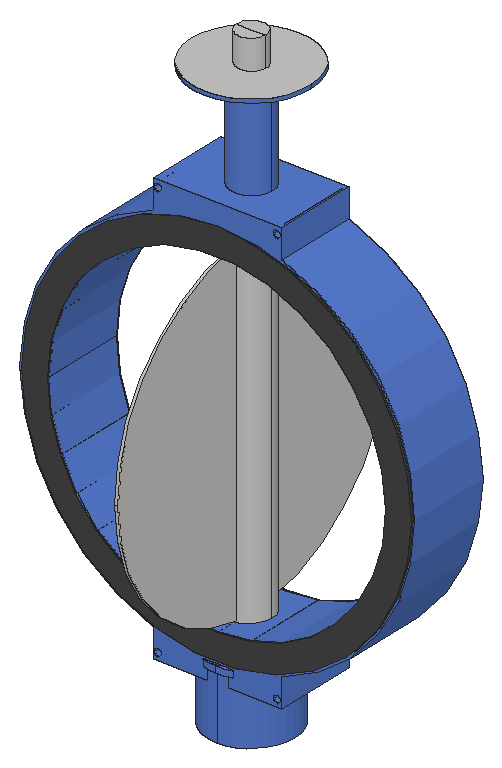
Revit family "Butterfly_Valves-Wafer-WATTS-BF-04_Series", category Pipe Accessories, Revit 2014
Parameters (values of type "BF-04 / 24"")
  Weight = "593 lbs. (450 kg.)"
  Warranty Information = "1 Year (Limited)"
  URL = "http://www.watts.com"
  Top Plate Diameter F = 8 1/4"
  Top Attacment Diameter H = 2"
  Thickness Diameter C = 6"
  Temperature Range = "EPDM: +5°F to 248°F (-15°C to +120°C) Buna-N: +14°F to 176°F (-10°C to +80°C) Viton: -4°F to 302°F (-20°C to +150°C)"  # constant formula
  Symbolic Lines Visibility = yes
  Region = "North America"  # constant formula
  Product Page URL = "https://www.watts.com/products/plumbing-flow-control-solutions/shutoff-valves/butterfly-valves/bf-03"
  Product Documentation Link = "https://www.watts.com/dfsmedia/0533dbba17714b1ab581ab07a4cbb521/12233-source/options/download"
  Price = "Prices may vary. Please consult Manufacturer Representative for most up-to-date price list."  # constant formula
  Plate To Top D = 2 1/4"
  Outer Diameter of Attachment = 33 1/2"
  Outer Diameter = Connection Attacment Diameter I - 85/256"  # 26 251/256"
  Opening Diameater E = 23 3/8"
  Number of Bolt = 20
  Model = "BF-04"  # constant formula
  Max. Working Pressure = "200psi (13.8 bar) pressure rating for 2'' – 12'' (50 – 300mm)** and a 150psi (10.3 bar) pressure rating 14'' – 24'' (350 – 600mm)**"  # constant formula
  Materials = Metal-WATTS-ASTM A-536 Ductile Iron-Blue
  Manufacturer Product Line = "Water Safety & Flow Control"  # constant formula
  Manufacturer = "WATTS"  # constant formula
  Handle Option = no
  Handel Length G = 14"
  Full Height A = 42 7/8"
  Description = "Butterfly Valves Series BF-03-M2 Full Lug and BF-04-M2 Wafer Sizes: 2'' – 12'' (50 – 300mm)** 200psi (13.8 bar) 14'' – 24'' (350 – 600mm)** 150psi (10.3 bar) Watts Series BF resilient seated butterfly valve is available in sizes 2'' – 24'' (50 – 600mm)** in wafer or lug body design. Incorporating a 200psi (13.8 bar) pressure rating for 2'' – 12'' (50 – 300mm)** and a 150psi (10.3 bar) pressure rating 14'' – 24'' (350 – 600mm)**, the BF series butterfly is standardly constructed of a ductile iron body with a choice of either ductile iron, aluminum bronze, or 316 stainless steel discs and 416 stainless steel or 316 stainless steel shaft. A phenolic-backed seat (2''-12'', 50-300mm)** or aluminum-backed seat (14'' – 24'', 350-600mm)** prevents the seat from collapsing or dislodging. Standard seat materials available include EPDM, Buna-N and Viton. The BF Series mounting pad is designed to ISO 5211 standard to accommodate lever handles, gear operators, or actuation."  # constant formula
  Creation Date = "12/05/2018"  # constant formula
  Country = "United States"  # constant formula
  Connection Type = "Flange Connection"  # constant formula
  Connection Size = 24"
  Connection Radius = Connection Size / 2  # 12"
  Connection Attacment Diameter I = 27 5/16"
  Central To Top of Plate B = 22 1/8"
  Barrier Radius = Opening Diameater E  # 23 3/8"
  Assembly Code = "D2090900"
Types (15): name | Weight | Top Plate Diameter F | Top Attacment Diameter H | Thickness Diameter C | Symbolic Lines Visibility | Plate To Top D | Outer Diameter of Attachment | Outer Diameter | Opening Diameater E | Number of Bolt | Handle Option | Handel Length G | Full Height A | Connection Size | Connection Radius | Connection Attacment Diameter I | Central To Top of Plate B | Barrier Radius
  (no name) | "593 lbs. (450 kg.)" | 8 1/4" | 2" | 6" | yes | 2 1/4" | 33 1/2" | 26 251/256" | 23 3/8" | 20 | no | 14" | 42 7/8" | 24" | 12" | 27 5/16" | 22 1/8" | 23 3/8"
  BF-04 / 2" | "8 lbs. (6 kg.)" | 3 1/16" | 1/2" | 1 5/8" | no | 1 1/4" | 5 1/2" | 3 107/256" | 2 1/8" | 4 | yes | 10 1/2" | 10 3/4" | 2" | 1" | 3 3/4" | 6 3/8" | 2 1/8"
  BF-04 / 2 1/2" | "10 lbs. (7 kg.)" | 3 1/16" | 1/2" | 1 3/4" | no | 1 1/4" | 6 1/4" | 3.8149" | 2 1/2" | 4 | yes | 10 1/2" | 11 5/8" | 2 1/2" | 1 1/4" | 4.14693" | 6 7/8" | 2 1/2"
  BF-04 / 3" | "10 lbs. (7 kg.)" | 3 1/16" | 1/2" | 1 3/4" | no | 1 1/4" | 6 3/4" | 4 107/256" | 3 1/8" | 4 | yes | 10 1/2" | 12 1/8" | 3" | 1 1/2" | 4 3/4" | 7 1/8" | 3 1/8"
  BF-04 / 4" | "17 lbs. (12 kg.)" | 3 5/8" | 5/8" | 2" | no | 1 1/4" | 8 1/16" | 5 187/256" | 4 1/8" | 8 | yes | 10 1/2" | 13 5/8" | 4" | 2" | 6 1/16" | 7 7/8" | 4 1/8"
  BF-04 / 5" | "25 lbs. (16 kg.)" | 3 5/8" | 3/4" | 2 3/16" | no | 1 1/4" | 9 1/8" | 6 203/256" | 4 7/8" | 8 | yes | 10 1/2" | 14 5/8" | 5" | 2 1/2" | 7 1/8" | 8 3/8" | 4 7/8"
  BF-04 / 6" | "27 lbs. (20 kg.)" | 3 5/8" | 3/4" | 2 3/16" | no | 1 1/4" | 10 3/16" | 7 219/256" | 6 1/8" | 8 | yes | 10 1/2" | 15 5/8" | 6" | 3" | 8 3/16" | 8 7/8" | 6 1/8"
  BF-04 / 8" | "40 lbs. (29 kg.)" | 5" | 7/8" | 2 3/8" | no | 1 1/4" | 13 1/2" | 9 235/256" | 8" | 8 | yes | 14" | 18 7/8" | 8" | 4" | 10 1/4" | 10 1/4" | 8"
  BF-04 / 10" | "63 lbs. (48 kg.)" | 5" | 1 1/8" | 2 3/8" | no | 1 3/4" | 15" | 12 75/256" | 9 7/8" | 12 | yes | 14" | 21 1/4" | 10" | 5" | 12 5/8" | 11 1/2" | 9 7/8"
  BF-04 / 12" | "107 lbs. (78 kg.)" | 6" | 1 1/4" | 3" | no | 1 3/4" | 17 3/4" | 14 107/256" | 11 7/8" | 12 | yes | 14" | 24 5/8" | 12" | 6" | 14 3/4" | 13 1/4" | 11 7/8"
  BF-04 / 14" | "156 lbs. (99 kg.)" | 6" | 1 1/4" | 3" | yes | 1 3/4" | 19 15/16" | 15 155/256" | 13 1/8" | 12 | no | 14" | 26 3/4" | 14" | 7" | 15 15/16" | 14 1/2" | 13 1/8"
  BF-04 / 16" | "203 lbs. (140 kg.)" | 6 7/8" | 1 5/16" | 3 3/8" | yes | 2" | 22 1/2" | 18 43/256" | 15 3/8" | 16 | no | 14" | 30" | 16" | 8" | 18 1/2" | 15 3/4" | 15 3/8"
  BF-04 / 18" | "269 lbs. (188 kg.)" | 6 7/8" | 1 1/2" | 4 1/8" | yes | 2" | 24" | 20 91/256" | 17 3/8" | 16 | no | 14" | 31 1/2" | 18" | 9" | 20 11/16" | 16 5/8" | 17 3/8"
  BF-04 / 20" | "392 lbs. (248 kg.)" | 8 1/4" | 1 5/8" | 5 1/8" | yes | 2 1/8" | 26 1/4" | 21 235/256" | 19 3/8" | 20 | no | 14" | 35 5/16" | 20" | 10" | 22 1/4" | 18 7/8" | 19 3/8"
  BF-04 / 24" | "593 lbs. (450 kg.)" | 8 1/4" | 2" | 6" | yes | 2 1/4" | 33 1/2" | 26 251/256" | 23 3/8" | 20 | no | 14" | 42 7/8" | 24" | 12" | 27 5/16" | 22 1/8" | 23 3/8"
Reference planes (in)
  plane 1 "Center (Front/Back)": y = 0
  plane 2: z = 0
  plane 3 "Center (Left/Right)": x = 0
  plane 4: x = 14
  plane 5: z = 22.125
  plane 6: z = 24.375
  plane 7: z = 11.6875
  plane 8: z = -11.6875
  plane 9: z = -18.5
  plane 10: z = -13.65625
  plane 11: z = 13.65625
  plane 12: x = -4.125
  plane 13: x = 4.125
  plane 14: x = -1
  plane 15: x = 1
  plane 16: y = 3
  plane 17: y = -3
  plane 18: z = 22.375
  plane 19: y = 2.90625
  plane 20: y = -2.90625
  plane 21: y = 0.64062
  plane 22: y = -0.64063
  plane 23: y = 0.39062
  plane 24: y = -0.39063
  plane 25: x = 0.42074
  plane 26: x = -0.09412
  plane 27: x = 0.09412
  plane 28: z = 13.16606
  plane 29: z = 13.10188
  plane 30: z = 14.40625
  plane 31: z = -14.40625
Forms (in)
  Extrusion 1, solid, material "Metal-WATTS-ASTM A-536 Ductile Iron-Blue"
    sketch origin (0, 0, 0) x (1, 0, 0) y (0, 0, 1)
      loop
        circle (0, 0) r 11.6875
      loop
        circle (0, 0) r 13.49023
    from -3 to 3
  Extrusion 2, solid, material "Metal-WATTS-ASTM A-536 Ductile Iron-Blue"
    sketch origin (0, 0, 0) x (1, 0, 0) y (0, 1, 0)
      loop
        circle (0, 0) r 4.125
    from 22.125 to 22.375
  Revolve 3, solid, material "Metal-WATTS-ASTM A-536 Ductile Iron-Blue"
    sketch origin (0, 0, 0) x (0, 1, 0) y (0, 0, 1)
      loop
        line (3, -14.15625) -> (3.09282, -14.15625) -> (3.09282, -13.70796) -> (3.04111, -13.65625) -> (0, -13.65625) -> (0, -18.5) -> (3, -18.5) -> (3, -14.15625)
      axis (0, -13.65625) -> (0, -18.5)
    angle from 0 to 360
  Extrusion 4, solid, material "Metal-WATTS-ASTM A-536 Ductile Iron-Blue"
    sketch origin (0, 0, 0) x (1, 0, 0) y (0, 0, 1)
      loop
        arc (-4.4375, 12.91518) -> (-13.65625, 0) -> (-4.4375, -12.91518) r 13.65625
        line (-4.4375, -12.91518) -> (-4.4375, -14.90625) -> (4.43973, -14.90625) -> (4.43973, -12.91441)
        arc (4.43973, -12.91441) -> (13.65625, 0) -> (4.43973, 12.91441) r 13.65625
        line (4.43973, 12.91441) -> (4.43973, 14.90625) -> (-4.4375, 14.90625) -> (-4.4375, 12.91518)
      loop
        circle (0, 0) r 11.6875
      loop
        circle (-4.125, 14.40625) r 0.25
      loop
        circle (4.125, 14.40625) r 0.25
      loop
        circle (-4.125, -14.40625) r 0.25
      loop
        circle (4.125, -14.40625) r 0.25
    from -2.90625 to 2.90625
  Revolve 5, solid, material "Metal-WATTS-Stainless Steel"
    sketch origin (0, 0, 0) x (1, 0, 0) y (0, 0, 1)
      loop
        line (-1.4375, -13.65625) -> (0, -13.65625) -> (0, 13.10188) -> (-1.4375, 13.10188) -> (-1.4375, -13.65625)
      loop
        line (0, 24.375) -> (-1, 24.375) -> (-1, 22.125) -> (-1.4375, 22.125) -> (-1.4375, 13.16606) -> (0, 13.16606) -> (0, 24.375)
      axis (0, 24.375) -> (0, -13.65625)
    angle from 0 to 360
  Extrusion 6, solid, material "Metal-WATTS-ASTM A-536 Ductile Iron-Blue", visible <- "Handle Option"
    sketch origin (0, 0, 0) x (1, 0, 0) y (0, 0, 1)
      loop
        line (-0.53125, 24.125) -> (-0.53125, 22.375) -> (6.73438, 22.375) -> (7.47991, 23.75) -> (14, 23.75) -> (14, 24.125) -> (-0.53125, 24.125)
    from -0.64062 to 0.64062
  Extrusion 7, solid, material "Metal-WATTS-ASTM A-536 Ductile Iron-Blue", visible <- "Handle Option"
    sketch origin (0, 0, -5.6875) x (1, 0, 0) y (0, 0, 1)
      loop
        line (6.87004, 28.31272) -> (6.7758, 28.13891) -> (14, 28.13891) -> (14, 28.31272) -> (6.87004, 28.31272)
    from -0.39062 to 0.39062
  Extrusion 8, solid, material "Metal-WATTS-Stainless Steel"
    sketch origin (0.42074, 0.21217, 48) x (0, -1, 0) y (0, 0, 1)
      loop
        circle (0.21217, -48) r 11.6875
    from 0.32662 to 0.51485
Cuts and joins
  joined: Revolve 5, Extrusion 8
  joined: Revolve 3, Extrusion 4
Lines and regions (in)
  Masking region 1, detail levels fine
    outline origin (0, 0, 0) x (1, 0, 0) y (0, 1, 0)
      loop
        line (13.65625, 2.90625) -> (13.49023, 2.90625) -> (13.49023, 3) -> (2.83119, 3)
        arc (2.83119, 3) -> (1.56689, 3.81582) -> (0.09412, 4.12393) r 4.125
        arc (0.09412, 4.12393) -> (-1.47942, 3.85058) -> (-2.83119, 3) r 4.125
        line (-2.83119, 3) -> (-13.49023, 3) -> (-13.49023, 2.90625) -> (-13.65625, 2.90625) -> (-13.65625, -2.90625) -> (-13.49023, -2.90625) -> (-13.49023, -3) -> (-2.83119, -3)
        arc (-2.83119, -3) -> (-1.47942, -3.85058) -> (0.09412, -4.12393) r 4.125
        arc (0.09412, -4.12393) -> (1.56689, -3.81582) -> (2.83119, -3) r 4.125
        line (2.83119, -3) -> (13.49023, -3) -> (13.49023, -2.90625) -> (13.65625, -2.90625) -> (13.65625, -0.64063) -> (13.65625, 0.64062) -> (13.65625, 2.90625)
  Masking region 2, visible <- "Handle Option", detail levels fine
    outline origin (0, 0, 0) x (1, 0, 0) y (0, 1, 0)
      loop
        line (14, 0.64062) -> (-0.53125, 0.64062) -> (-0.53125, -0.64063) -> (14, -0.64063) -> (14, 0.64062)
  Masking region 3, detail levels fine
    outline origin (0, 0, 0) x (1, 0, 0) y (0, 1, 0)
      loop
        line (-0.09412, 11.6875) -> (-0.09412, -11.6875) -> (0.09412, -11.6875) -> (0.09412, 11.6875) -> (-0.09412, 11.6875)
  symbolic lines, detail levels fine
    curve 1: arc (-2.83119, 3, 0) -> (-4.125, 0, 0) -> (-2.83119, -3, 0) r 4.125
    curve 2: arc (2.83119, -3, 0) -> (3.64902, -1.92361, 0) -> (4.07495, -0.64063, 0) r 4.125
    curve 3: arc (-0.09412, -4.12393, 0) -> (0, -4.125, 0) -> (0.09412, -4.12393, 0) r 4.125
    curve 4: arc (0.09412, 4.12393, 0) -> (0, 4.125, 0) -> (-0.09412, 4.12393, 0) r 4.125
    curve 5: circle (0, 0, 0) r 1 normal (0, 0, -1)
    curve 6: arc (4.07495, 0.64062, 0) -> (3.64902, 1.92361, 0) -> (2.83119, 3, 0) r 4.125
  symbolic lines, visible <- "Symbolic Lines Visibility", detail levels fine
    curve 7: arc (4.07495, -0.64063, 0) -> (4.125, 0, 0) -> (4.07495, 0.64062, 0) r 4.125
  model lines, style "PipeAccessory", detail levels coarse+medium
    curve 8: circle (0, 0, 0) r 0.25 normal (0, 0, 1)
    curve 9: line (-1, 2.83956, 0) -> (1.0334, -2.91234, 0)
    curve 10: line (-1, 3, 0) -> (1, 3, 0)
    curve 11: line (-1, -3, 0) -> (1, -3, 0)
Dimensions and locks (in)
  "Handel Length G": plane 4 to plane 3 "Center (Left/Right)"
  "Central To Top of Plate B": plane 5 to level
  "Plate To Top D": plane 6 to plane 5
  equal spacing: plane 7, level, plane 8
  "Opening Diameater E": plane 7 to plane 8
  equal spacing: plane 11, level, plane 10
  "Connection Attacment Diameter I": plane 11 to plane 10
  "Full Height A": plane 6 to plane 9
  equal spacing: plane 15, plane 3 "Center (Left/Right)", plane 14
  "Top Attacment Diameter H": plane 15 to plane 14
  equal spacing: plane 13, plane 3 "Center (Left/Right)", plane 12
  "Top Plate Diameter F": plane 13 to plane 12
  "Thickness Diameter C": plane 16 to plane 17
  equal spacing: plane 16, plane 1 "Center (Front/Back)", plane 17
  locked: plane 18 to plane 5 at 0.25
  locked: plane 14 to Revolve 5 sketch curve at 0.4375
  equal spacing: plane 21, plane 1 "Center (Front/Back)", plane 22
  locked: plane 1 "Center (Front/Back)" to plane 22 at 0.64062
  locked: plane 6 to Extrusion 6 sketch curve at 0.25
  equal spacing: plane 4, Extrusion 6 sketch curve, Extrusion 6 sketch curve
  locked: plane 3 "Center (Left/Right)" to Extrusion 6 sketch curve at 0.53125
  locked: Extrusion 6 sketch curve to Extrusion 6 sketch curve at 0.375
  locked: plane 16 to plane 19 at 0.09375
  locked: plane 20 to plane 17 at 0.09375
  locked: Revolve 3 sketch curve to Revolve 3 sketch curve at 0.07313
  locked: Revolve 3 sketch curve to Revolve 3 sketch curve at 0.44829
  locked: Revolve 3 sketch curve to Revolve 3 sketch curve at 0.09282
  locked: plane 24 to plane 22 at 0.25
  locked: plane 21 to plane 23 at 0.25
  Extrusion 7 sketch curve to Extrusion 7 sketch curve to plane 18 = 0.17381" locked, 0.07641" locked
  equal spacing: plane 26, plane 3 "Center (Left/Right)", plane 27
  plane 11 to plane 28 to plane 29 = 0.49019" locked, 0.06418" locked
  equal spacing: Masking region 1 sketch curve, plane 3 "Center (Left/Right)", Masking region 1 sketch curve  (x2)
  "Connection Attacment Diameter I": Masking region 1 sketch curve to Masking region 1 sketch curve
  "Outer Diameter": Masking region 1 sketch curve to Masking region 1 sketch curve
  equal spacing: Masking region 3 sketch curve, plane 1 "Center (Front/Back)", Masking region 3 sketch curve
  "Barrier Radius": Masking region 3 sketch curve to Masking region 3 sketch curve
  locked: plane 12 to Extrusion 4 sketch curve at 0.3125
  locked: Extrusion 4 sketch curve to plane 13 at 0.31473
  Extrusion 4 sketch curve to plane 30 to plane 11 = 1/2" locked, 3/4" locked
  plane 10 to plane 31 to Extrusion 4 sketch curve = 3/4" locked, 1/2" locked
  "Opening Diameater E": diameter of Extrusion 1 sketch curve
  "Outer Diameter": diameter of Extrusion 1 sketch curve
  "Top Plate Diameter F": diameter of Extrusion 2 sketch curve
  "Connection Attacment Diameter I": diameter of Extrusion 4 sketch curve  (x2)
  "Barrier Radius": diameter of Extrusion 8 sketch curve
  "Opening Diameater E": diameter of Extrusion 4 sketch curve
  aligned and locked: Extrusion 1 to plane 16
  aligned and locked: plane 17 to Extrusion 1
  aligned and locked: plane 1 "Center (Front/Back)" to Extrusion 2 sketch curve
  aligned and locked: plane 3 "Center (Left/Right)" to Extrusion 2 sketch curve
  aligned and locked: Extrusion 2 to plane 5
  aligned and locked: plane 18 to Extrusion 2
  aligned and locked: plane 9 to Revolve 3 sketch curve
  aligned and locked: Revolve 3 sketch curve to plane 16
  aligned and locked: plane 1 "Center (Front/Back)" to Revolve 3 sketch curve
  aligned and locked: Revolve 3 sketch curve to plane 10
  aligned and locked: Revolve 3 sketch curve to plane 1 "Center (Front/Back)"
  aligned and locked: plane 3 "Center (Left/Right)" to Extrusion 4 sketch curve  (x3)
  aligned and locked: level to Extrusion 4 sketch curve  (x3)
  aligned and locked: Extrusion 4 to plane 19
  aligned and locked: plane 20 to Extrusion 4
  aligned and locked: Revolve 5 sketch curve to plane 5
  aligned and locked: Revolve 5 sketch curve to plane 6
  aligned and locked: Revolve 5 sketch curve to plane 14
  aligned and locked: Revolve 5 sketch curve to plane 3 "Center (Left/Right)"  (x2)
  aligned and locked: Extrusion 6 to plane 22
  aligned and locked: plane 21 to Extrusion 6
  aligned and locked: Extrusion 6 sketch curve to plane 18
  aligned and locked: Extrusion 6 sketch curve to plane 4
  aligned and locked: Revolve 5 sketch curve to plane 10
  aligned and locked: Extrusion 7 to plane 23
  aligned and locked: plane 24 to Extrusion 7
  aligned and locked: Extrusion 7 sketch curve to plane 4
  aligned and locked: Extrusion 6 to Extrusion 7 sketch curve
  aligned and locked: level to Extrusion 8 sketch curve
  aligned and locked: plane 3 "Center (Left/Right)" to Extrusion 1 sketch curve  (x2)
  aligned and locked: level to Extrusion 1 sketch curve  (x2)
  aligned and locked: Extrusion 8 to plane 26
  aligned and locked: Extrusion 8 to plane 27
  aligned and locked: plane 1 "Center (Front/Back)" to Extrusion 8 sketch curve
  aligned and locked: Revolve 5 sketch curve to plane 28
  aligned and locked: Revolve 5 sketch curve to plane 29
  aligned and locked: Masking region 1 sketch curve to plane 19
  aligned and locked: Masking region 1 sketch curve to plane 20
  aligned and locked: Masking region 1 sketch curve to plane 17
  aligned and locked: Masking region 1 sketch curve to plane 16
  aligned and locked: Masking region 1 sketch curve to Extrusion 2  (x4)
  aligned and locked: Extrusion 4 to Masking region 1 sketch curve
  aligned and locked: Masking region 1 sketch curve to Masking region 1 sketch curve  (x4)
  aligned and locked: curve 1 to Extrusion 2
  aligned and locked: curve 2 to Extrusion 2
  aligned and locked: curve 2 to Masking region 1
  aligned and locked: Masking region 1 to curve 6
  aligned and locked: curve 1 to Masking region 1
  aligned and locked: Masking region 1 to curve 1
  aligned and locked: curve 3 to Extrusion 2
  aligned and locked: plane 26 to curve 3
  aligned and locked: plane 27 to curve 3
  aligned and locked: curve 4 to Extrusion 2
  aligned and locked: plane 26 to curve 4
  aligned and locked: plane 27 to curve 4
  aligned and locked: curve 5 to cut or joined group of Revolve 5, Extrusion 8
  aligned and locked: Masking region 2 sketch curve to Extrusion 6  (x3)
  aligned and locked: Masking region 2 sketch curve to plane 4
  aligned and locked: Extrusion 6 to curve 7  (x2)
  aligned and locked: Extrusion 6 to Masking region 1 sketch curve  (x2)
  aligned and locked: Masking region 3 sketch curve to cut or joined group of Revolve 5, Extrusion 8  (x2)
  aligned and locked: Extrusion 4 sketch curve to Extrusion 4 sketch curve  (x2)
  aligned and locked: plane 12 to Extrusion 4 sketch curve  (x2)
  aligned and locked: plane 30 to Extrusion 4 sketch curve
  aligned and locked: plane 13 to Extrusion 4 sketch curve  (x2)
  aligned and locked: Extrusion 4 sketch curve to plane 30
  aligned and locked: plane 31 to Extrusion 4 sketch curve  (x2)
Automatic sketch dimensions
  Extrusion 6 sketch curve to Extrusion 6 sketch curve = 0.74553"
  Revolve 5 sketch curve to plane 9 = 1/8"
  Revolve 5 sketch curve to Revolve 5 sketch curve = 1"
  Revolve 5 sketch curve to plane 14 = 7/16"
  Revolve 5 sketch curve to plane 3 "Center (Left/Right)" = 0"
  Revolve 3 sketch curve to plane 16 = 0.04111"
  Revolve 3 sketch curve to Revolve 3 sketch curve = 1 1/4"
  Revolve 3 sketch curve to Revolve 3 sketch curve = 2"
  curve 1 to curve 6 = 0"  (x2)
  curve 1 to curve 7 = 0"  (x2)
  curve 1 to curve 8 = 0"  (x2)
  curve 11 to plane 14 = 0"
  curve 10 to plane 14 = 0"
  curve 9 to plane 14 = 0"
  curve 11 to plane 15 = 0"
  curve 10 to plane 15 = 0"
  plane 17 to curve 11 = 0"
  plane 16 to curve 10 = 0"
  plane 20 to curve 9 = 0.00609"
  plane 15 to curve 9 = 0.0334"
  plane 19 to curve 9 = 0.06669"
  plane 16 to Masking region 1 sketch curve = 0"
  plane 17 to Masking region 1 sketch curve = 0"
  Masking region 1 sketch curve to plane 27 = 0"  (x2)
  plane 20 to Masking region 1 sketch curve = 0"
  radius of curve 8 = 1/4"
  radius of Extrusion 4 sketch curve = 1/4"  (x4)
Connectors (in)
  piping at (0, -3, 0), diameter 24, driven by "Connection Radius"
    settings: on Extrusion 1, index 1, connector inside diameter 24", connector length 0", flow factor 0, pipe flow 0 GPM, pressure drop 0.00 psi, fitting loss kfactor 0, connector angle 0.00°, fixture units 0, engagement length 0", angle of deflection 0.00°, flow configuration 0, flow direction 0, fitting loss method 0, system type 28, joint type 0, gender type 0, connector reference index -1, connector utility 0, adjustable connector no, is connector primary yes, connector description ""
  piping at (0, 3, 0), diameter 24, driven by "Connection Radius"
    settings: on Extrusion 1, index 2, connector inside diameter 24", connector length 0", flow factor 0, pipe flow 0 GPM, pressure drop 0.00 psi, fitting loss kfactor 0, connector angle 0.00°, fixture units 0, engagement length 0", angle of deflection 0.00°, flow configuration 0, flow direction 0, fitting loss method 0, system type 28, joint type 0, gender type 0, connector reference index -1, connector utility 0, adjustable connector no, is connector primary no, connector description ""
